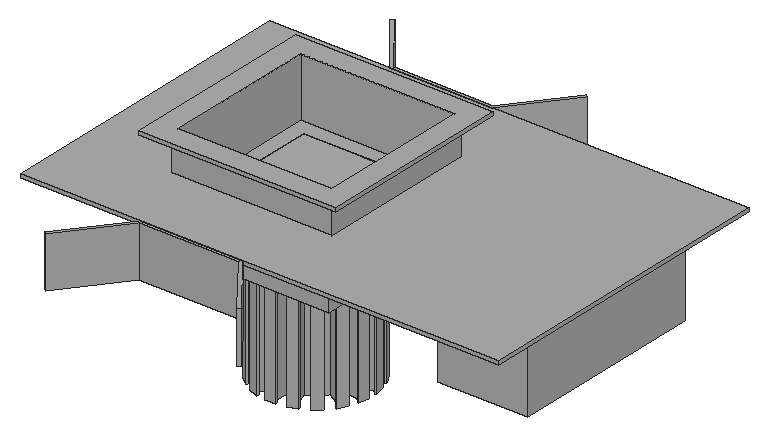
Revit family "LF4SQSL", category Lighting Fixtures, host Face, Revit 2014
Parameters (values of type "LF4SQ")
  Width = 12 5/8"
  Wattage Comments = "14W"
  Wattage = 9.2903 W
  built-in parameter 1150110 = 1 (stored number, unit not read)
  Voltage = 120 V
  URL = "https://www.hubbell.com/hubbellhealthcaresolutions/en"
  built-in parameter 1114217 = 1 (stored number, unit not read)
  Tilt Angle = -90.00°
  built-in parameter 1150109 = 1 (stored number, unit not read)
  built-in parameter 1150134 = 3
  built-in parameter 1150113 = 1 (stored number, unit not read)
  SQ Length = 2 7/8"
  Product Page URL = "https://www.hubbell.com/hubbellhealthcaresolutions/en/Products/Lighting-Controls/Commercial-Indoor-Lighting/Recessed-Downlights/LF4SQ/p/212948"
  Product Material = Steel
  Product Documentation Link = "https://hubbellcdn.com/specsheet/HHS_LF4SQSL_LENS_SPEC_17.pdf"
  Power Factor = 0.9
  Photometric Web File = "generic.ies"
  Number of Poles = 1
  Model = "LF4SQSL"  # constant formula
  Manufacturer = "Healthcare Solutions"  # constant formula
  built-in parameter 1150105 = 109.82 (stored number, unit not read)
  Lumens = 1380 lm
  built-in parameter 1150115 = 1 (stored number, unit not read)
  Load Classification = Lighting
  built-in parameter 1150137 = (empty or 0)
  built-in parameter 1150139 = (empty or 0)
  Length = 14"
  built-in parameter 1150112 = 1 (stored number, unit not read)
  built-in parameter 1150114 = 1 (stored number, unit not read)
  Lamp = "1"
  built-in parameter 1150132 = (empty or 0)
  built-in parameter 1150102 = (empty or 0)
  built-in parameter 1150107 = 3200 (stored number, unit not read)
  built-in parameter 1150138 = (empty or 0)
  built-in parameter 1150106 = 1.0982 (stored number, unit not read)
  Height = 6 5/8"
  Glass = Glass
  Emit from Rectangle Width = 4 51/256"  # constant formula
  Emit from Rectangle Length = 4 51/256"  # constant formula
  Emit Shape Visible in Rendering = no
  built-in parameter 1150104 = 13.8 (stored number, unit not read)
  Dimming Protocol = "0-10V\r\nDMX\r\nLutron Forward Phase\r\nLutron EcoSystem"  # constant formula
  Dimming Lamp Color Temperature Shift = <None>
  Description = "4\" LED Square Downlight"
  Default Elevation = 48"
  Contact Us = "https://www.hubbell.com/hubbellhealthcaresolutions/en/contactUs?productId=212948"
  Color Filter = 16777215
  built-in parameter 1114218 = 1 (stored number, unit not read)
  built-in parameter 1150133 = 10 (stored number, unit not read)
  Application = "Commerical Indoor\r\nEducation\r\nHealthcare\r\nHospitality\r\nOffice\r\nLobby\r\nConference Room\r\nClassroom\r\nWaiting Room\r\nAuditorium\r\nGuest Room\r\nDining Area"  # constant formula
  Apparent Load = 14.4 VA
Reference planes (in)
  plane 1 "Center (Front/Back)": y = 0.03999
  plane 2: z = 0
  plane 3 "Center (Left/Right)": x = -8.24832
  plane 4: y = -6.27251
  plane 5: y = 6.35249
  plane 6: z = -5.5
  plane 7: x = -15.24832
  plane 8: x = -1.24832
  plane 9: y = 4.60249
  plane 10: y = -4.52251
  plane 11: x = -10.24832
  plane 12: x = -13.12332
  plane 13: x = -7.37332
  plane 14: y = 2.91499
  plane 15: y = -2.83501
  plane 16: z = 1.125
  plane 17: z = -2.375
  plane 18: z = 1.025
  plane 19: x = -4.37332
  plane 20: x = -1.74832
  plane 21: z = -0.1
  plane 22: z = 1.25
Forms (in)
  Extrusion 1, void
    sketch origin (0, 0, 0) x (1, 0, 0) y (0, 1, 0)
      loop
        line (-12.74832, 4.60199) -> (-12.74832, -4.52201) -> (-3.74832, -4.52201) -> (-3.74832, 4.60199) -> (-12.74832, 4.60199)
    from 0 to -7
  Sweep 2, solid, material "Steel" <- "Product Material"
    path origin (-16.83938, -180, -3.5) x (-1, 0, 0) y (0, -1, 0)
      loop
        line (-3.71606, -177.16499) -> (-9.46606, -177.16499) -> (-9.46606, -182.91499) -> (-3.71606, -182.91499) -> (-3.71606, -177.16499)
    profile origin (-13.12332, 0.03999, -3.5) x (-1, 0, 0) y (0, 0, 1)
      loop
        line (0, 4.625) -> (-0.625, 4.625) -> (-0.625, 2.875) -> (-1.06338, 2.875) -> (-1.06338, 1.125) -> (-0.96338, 1.125) -> (-0.96338, 2.775) -> (-0.525, 2.775) -> (-0.525, 4.525) -> (0, 4.525) -> (0, 4.625)
  Extrusion 3, solid, material "Steel" <- "Product Material"
    sketch origin (-16.83938, -180, -3.5) x (-1, 0, 0) y (0, -1, 0)
      loop
        circle (-6.59106, -180.03999) r 1
    from -2 to 1.125
  Extrusion 4, solid, material "Steel" <- "Product Material"
    sketch origin (-16.83938, -180, -3.5) x (-1, 0, 0) y (0, -1, 0)
      loop
        line (-4.77944, -181.85161) -> (-4.77944, -178.22837) -> (-8.40267, -178.22837) -> (-8.40267, -181.85161) -> (-4.77944, -181.85161)
    from 1.125 to 2.875
  Extrusion 5, solid, material "Steel" <- "Product Material"
    sketch origin (0, 0.03999, 0) x (1, 0, 0) y (0, 0, 1)
      loop
        line (-4.37332, -0.1) -> (-4.37332, -2.375) -> (-1.74832, -2.375) -> (-1.74832, -0.1) -> (-4.37332, -0.1)
    from -2.875 to 2.875
  Sweep 6, solid, material "Steel" <- "Product Material"
    path origin (0.25978, 0, 0) x (0, 1, 0) y (0, 0, 1)
      loop
        line (0.03999, -2.375) -> (0.03999, -5.5)
    profile origin (0.25978, 0.03999, -3.9375) x (1, 0, 0) y (0, 1, 0)
      loop
        line (-10.45811, 0.99875) -> (-10.45811, 1.62007) -> (-10.35811, 1.62007) -> (-10.35811, 1.67007) -> (-10.65811, 1.67007) -> (-10.65811, 1.62007) -> (-10.55811, 1.62007) -> (-10.55811, 0.99875)
        arc (-10.55811, 0.99875) -> (-10.50811, 1) -> (-10.45811, 0.99875) r 1
  Sweep 7, solid, material "Steel" <- "Product Material"
    path origin (-0.36026, 3.5964, 0) x (-0.34202, 0.939693, 0) y (0, 0, 1)
      loop
        line (0.03999, -2.375) -> (0.03999, -5.5)
    profile origin (-0.37394, 3.63397, -3.9375) x (0.939693, 0.34202, 0) y (-0.34202, 0.939693, 0)
      loop
        line (-10.45811, 0.99875) -> (-10.45811, 1.62007) -> (-10.35811, 1.62007) -> (-10.35811, 1.67007) -> (-10.65811, 1.67007) -> (-10.65811, 1.62007) -> (-10.55811, 1.62007) -> (-10.55811, 0.99875)
        arc (-10.55811, 0.99875) -> (-10.50811, 1) -> (-10.45811, 0.99875) r 1
  Sweep 8, solid, material "Steel" <- "Product Material"
    path origin (-2.17294, 6.76384, 0) x (-0.642788, 0.766044, 0) y (0, 0, 1)
      loop
        line (0.03999, -2.375) -> (0.03999, -5.5)
    profile origin (-2.19865, 6.79447, -3.9375) x (0.766044, 0.642788, 0) y (-0.642788, 0.766044, 0)
      loop
        line (-10.45811, 0.99875) -> (-10.45811, 1.62007) -> (-10.35811, 1.62007) -> (-10.35811, 1.67007) -> (-10.65811, 1.67007) -> (-10.65811, 1.62007) -> (-10.55811, 1.62007) -> (-10.55811, 0.99875)
        arc (-10.55811, 0.99875) -> (-10.50811, 1) -> (-10.45811, 0.99875) r 1
  Sweep 9, solid, material "Steel" <- "Product Material"
    path origin (-4.95964, 9.12028, 0) x (-0.866025, 0.5, 0) y (0, 0, 1)
      loop
        line (0.03999, -2.375) -> (0.03999, -5.5)
    profile origin (-4.99427, 9.14028, -3.9375) x (0.5, 0.866025, 0) y (-0.866025, 0.5, 0)
      loop
        line (-10.45811, 0.99875) -> (-10.45811, 1.62007) -> (-10.35811, 1.62007) -> (-10.35811, 1.67007) -> (-10.65811, 1.67007) -> (-10.65811, 1.62007) -> (-10.55811, 1.62007) -> (-10.55811, 0.99875)
        arc (-10.55811, 0.99875) -> (-10.50811, 1) -> (-10.45811, 0.99875) r 1
  Sweep 10, solid, material "Steel" <- "Product Material"
    path origin (-8.38423, 10.38151, 0) x (-0.984808, 0.173648, 0) y (0, 0, 1)
      loop
        line (0.03999, -2.375) -> (0.03999, -5.5)
    profile origin (-8.42361, 10.38845, -3.9375) x (0.173648, 0.984808, 0) y (-0.984808, 0.173648, 0)
      loop
        line (-10.45811, 0.99875) -> (-10.45811, 1.62007) -> (-10.35811, 1.62007) -> (-10.35811, 1.67007) -> (-10.65811, 1.67007) -> (-10.65811, 1.62007) -> (-10.55811, 1.62007) -> (-10.55811, 0.99875)
        arc (-10.55811, 0.99875) -> (-10.50811, 1) -> (-10.45811, 0.99875) r 1
  Sweep 11, solid, material "Steel" <- "Product Material"
    path origin (-12.03365, 10.3954, 0) x (-0.984808, -0.173648, 0) y (0, 0, 1)
      loop
        line (0.03999, -2.375) -> (0.03999, -5.5)
    profile origin (-12.07304, 10.38845, -3.9375) x (-0.173648, 0.984808, 0) y (-0.984808, -0.173648, 0)
      loop
        line (-10.45811, 0.99875) -> (-10.45811, 1.62007) -> (-10.35811, 1.62007) -> (-10.35811, 1.67007) -> (-10.65811, 1.67007) -> (-10.65811, 1.62007) -> (-10.55811, 1.62007) -> (-10.55811, 0.99875)
        arc (-10.55811, 0.99875) -> (-10.50811, 1) -> (-10.45811, 0.99875) r 1
  Sweep 12, solid, material "Steel" <- "Product Material"
    path origin (-15.46774, 9.16027, 0) x (-0.866025, -0.5, 0) y (0, 0, 1)
      loop
        line (0.03999, -2.375) -> (0.03999, -5.5)
    profile origin (-15.50238, 9.14028, -3.9375) x (-0.5, 0.866025, 0) y (-0.866025, -0.5, 0)
      loop
        line (-10.45811, 0.99875) -> (-10.45811, 1.62007) -> (-10.35811, 1.62007) -> (-10.35811, 1.67007) -> (-10.65811, 1.67007) -> (-10.65811, 1.62007) -> (-10.55811, 1.62007) -> (-10.55811, 0.99875)
        arc (-10.55811, 0.99875) -> (-10.50811, 1) -> (-10.45811, 0.99875) r 1
  Sweep 13, solid, material "Steel" <- "Product Material"
    path origin (-18.27229, 6.82511, 0) x (-0.642788, -0.766044, 0) y (0, 0, 1)
      loop
        line (0.03999, -2.375) -> (0.03999, -5.5)
    profile origin (-18.298, 6.79447, -3.9375) x (-0.766044, 0.642788, 0) y (-0.642788, -0.766044, 0)
      loop
        line (-10.45811, 0.99875) -> (-10.45811, 1.62007) -> (-10.35811, 1.62007) -> (-10.35811, 1.67007) -> (-10.65811, 1.67007) -> (-10.65811, 1.62007) -> (-10.55811, 1.62007) -> (-10.55811, 0.99875)
        arc (-10.55811, 0.99875) -> (-10.50811, 1) -> (-10.45811, 0.99875) r 1
  Sweep 14, solid, material "Steel" <- "Product Material"
    path origin (-20.10904, 3.67155, 0) x (-0.34202, -0.939693, 0) y (0, 0, 1)
      loop
        line (0.03999, -2.375) -> (0.03999, -5.5)
    profile origin (-20.12271, 3.63397, -3.9375) x (-0.939693, 0.34202, 0) y (-0.34202, -0.939693, 0)
      loop
        line (-10.45811, 0.99875) -> (-10.45811, 1.62007) -> (-10.35811, 1.62007) -> (-10.35811, 1.67007) -> (-10.65811, 1.67007) -> (-10.65811, 1.62007) -> (-10.55811, 1.62007) -> (-10.55811, 0.99875)
        arc (-10.55811, 0.99875) -> (-10.50811, 1) -> (-10.45811, 0.99875) r 1
  Sweep 15, solid, material "Steel" <- "Product Material"
    path origin (-20.75643, 0.07998, 0) x (0, -1, 0) y (0, 0, 1)
      loop
        line (0.03999, -2.375) -> (0.03999, -5.5)
    profile origin (-20.75643, 0.03999, -3.9375) x (-1, 0, 0) y (0, -1, 0)
      loop
        line (-10.45811, 0.99875) -> (-10.45811, 1.62007) -> (-10.35811, 1.62007) -> (-10.35811, 1.67007) -> (-10.65811, 1.67007) -> (-10.65811, 1.62007) -> (-10.55811, 1.62007) -> (-10.55811, 0.99875)
        arc (-10.55811, 0.99875) -> (-10.50811, 1) -> (-10.45811, 0.99875) r 1
  Sweep 16, solid, material "Steel" <- "Product Material"
    path origin (-20.13639, -3.51641, 0) x (0.34202, -0.939693, 0) y (0, 0, 1)
      loop
        line (0.03999, -2.375) -> (0.03999, -5.5)
    profile origin (-20.12271, -3.55399, -3.9375) x (-0.939693, -0.34202, 0) y (0.34202, -0.939693, 0)
      loop
        line (-10.45811, 0.99875) -> (-10.45811, 1.62007) -> (-10.35811, 1.62007) -> (-10.35811, 1.67007) -> (-10.65811, 1.67007) -> (-10.65811, 1.62007) -> (-10.55811, 1.62007) -> (-10.55811, 0.99875)
        arc (-10.55811, 0.99875) -> (-10.50811, 1) -> (-10.45811, 0.99875) r 1
  Sweep 17, solid, material "Steel" <- "Product Material"
    path origin (-18.32371, -6.68385, 0) x (0.642788, -0.766044, 0) y (0, 0, 1)
      loop
        line (0.03999, -2.375) -> (0.03999, -5.5)
    profile origin (-18.298, -6.71449, -3.9375) x (-0.766044, -0.642788, 0) y (0.642788, -0.766044, 0)
      loop
        line (-10.45811, 0.99875) -> (-10.45811, 1.62007) -> (-10.35811, 1.62007) -> (-10.35811, 1.67007) -> (-10.65811, 1.67007) -> (-10.65811, 1.62007) -> (-10.55811, 1.62007) -> (-10.55811, 0.99875)
        arc (-10.55811, 0.99875) -> (-10.50811, 1) -> (-10.45811, 0.99875) r 1
  Sweep 18, solid, material "Steel" <- "Product Material"
    path origin (-15.53701, -9.0403, 0) x (0.866025, -0.5, 0) y (0, 0, 1)
      loop
        line (0.03999, -2.375) -> (0.03999, -5.5)
    profile origin (-15.50238, -9.06029, -3.9375) x (-0.5, -0.866025, 0) y (0.866025, -0.5, 0)
      loop
        line (-10.45811, 0.99875) -> (-10.45811, 1.62007) -> (-10.35811, 1.62007) -> (-10.35811, 1.67007) -> (-10.65811, 1.67007) -> (-10.65811, 1.62007) -> (-10.55811, 1.62007) -> (-10.55811, 0.99875)
        arc (-10.55811, 0.99875) -> (-10.50811, 1) -> (-10.45811, 0.99875) r 1
  Sweep 19, solid, material "Steel" <- "Product Material"
    path origin (-12.11242, -10.30153, 0) x (0.984808, -0.173648, 0) y (0, 0, 1)
      loop
        line (0.03999, -2.375) -> (0.03999, -5.5)
    profile origin (-12.07304, -10.30847, -3.9375) x (-0.173648, -0.984808, 0) y (0.984808, -0.173648, 0)
      loop
        line (-10.45811, 0.99875) -> (-10.45811, 1.62007) -> (-10.35811, 1.62007) -> (-10.35811, 1.67007) -> (-10.65811, 1.67007) -> (-10.65811, 1.62007) -> (-10.55811, 1.62007) -> (-10.55811, 0.99875)
        arc (-10.55811, 0.99875) -> (-10.50811, 1) -> (-10.45811, 0.99875) r 1
  Sweep 20, solid, material "Steel" <- "Product Material"
    path origin (-8.46299, -10.31542, 0) x (0.984808, 0.173648, 0) y (0, 0, 1)
      loop
        line (0.03999, -2.375) -> (0.03999, -5.5)
    profile origin (-8.42361, -10.30847, -3.9375) x (0.173648, -0.984808, 0) y (0.984808, 0.173648, 0)
      loop
        line (-10.45811, 0.99875) -> (-10.45811, 1.62007) -> (-10.35811, 1.62007) -> (-10.35811, 1.67007) -> (-10.65811, 1.67007) -> (-10.65811, 1.62007) -> (-10.55811, 1.62007) -> (-10.55811, 0.99875)
        arc (-10.55811, 0.99875) -> (-10.50811, 1) -> (-10.45811, 0.99875) r 1
  Sweep 21, solid, material "Steel" <- "Product Material"
    path origin (-5.02891, -9.08029, 0) x (0.866025, 0.5, 0) y (0, 0, 1)
      loop
        line (0.03999, -2.375) -> (0.03999, -5.5)
    profile origin (-4.99427, -9.06029, -3.9375) x (0.5, -0.866025, 0) y (0.866025, 0.5, 0)
      loop
        line (-10.45811, 0.99875) -> (-10.45811, 1.62007) -> (-10.35811, 1.62007) -> (-10.35811, 1.67007) -> (-10.65811, 1.67007) -> (-10.65811, 1.62007) -> (-10.55811, 1.62007) -> (-10.55811, 0.99875)
        arc (-10.55811, 0.99875) -> (-10.50811, 1) -> (-10.45811, 0.99875) r 1
  Sweep 22, solid, material "Steel" <- "Product Material"
    path origin (-2.22435, -6.74512, 0) x (0.642788, 0.766044, 0) y (0, 0, 1)
      loop
        line (0.03999, -2.375) -> (0.03999, -5.5)
    profile origin (-2.19865, -6.71449, -3.9375) x (0.766044, -0.642788, 0) y (0.642788, 0.766044, 0)
      loop
        line (-10.45811, 0.99875) -> (-10.45811, 1.62007) -> (-10.35811, 1.62007) -> (-10.35811, 1.67007) -> (-10.65811, 1.67007) -> (-10.65811, 1.62007) -> (-10.55811, 1.62007) -> (-10.55811, 0.99875)
        arc (-10.55811, 0.99875) -> (-10.50811, 1) -> (-10.45811, 0.99875) r 1
  Sweep 23, solid, material "Steel" <- "Product Material"
    path origin (-0.38761, -3.59157, 0) x (0.34202, 0.939693, 0) y (0, 0, 1)
      loop
        line (0.03999, -2.375) -> (0.03999, -5.5)
    profile origin (-0.37394, -3.55399, -3.9375) x (0.939693, -0.34202, 0) y (0.34202, 0.939693, 0)
      loop
        line (-10.45811, 0.99875) -> (-10.45811, 1.62007) -> (-10.35811, 1.62007) -> (-10.35811, 1.67007) -> (-10.65811, 1.67007) -> (-10.65811, 1.62007) -> (-10.55811, 1.62007) -> (-10.55811, 0.99875)
        arc (-10.55811, 0.99875) -> (-10.50811, 1) -> (-10.45811, 0.99875) r 1
  Sweep 24, solid, material "Steel" <- "Product Material"
    path origin (-16.83938, -180, -3.5) x (-1, 0, 0) y (0, -1, 0)
      loop
        line (-3.71606, -186.35249) -> (-5.09106, -184.60249) -> (-8.09881, -184.60249) -> (-9.46606, -186.35249)
    profile origin (-10.24445, 4.60249, -3.5) x (0, 1, 0) y (0, 0, 1)
      loop
        line (0, 3.5) -> (0, 2) -> (0.1, 2) -> (0.1, 3.5) -> (0, 3.5)
  Extrusion 25, solid, material "Steel" <- "Product Material"
    sketch origin (-16.83938, -180, -3.5) x (-1, 0, 0) y (0, -1, 0)
      loop
        line (-1.59106, -184.60249) -> (-1.59106, -175.47749) -> (-15.59106, -175.47749) -> (-15.59106, -184.60249) -> (-1.59106, -184.60249)
      loop
        line (-4.24106, -182.38999) -> (-4.24106, -177.68999) -> (-8.94106, -177.68999) -> (-8.94106, -182.38999) -> (-4.24106, -182.38999)
    from 3.4 to 3.5
  Sweep 26, solid, material "Steel" <- "Product Material"
    path origin (-16.83938, 180.07998, -3.5) x (-1, 0, 0) y (0, -1, 0)
      loop
        line (-3.71606, 186.35249) -> (-5.09106, 184.60249) -> (-8.09881, 184.60249) -> (-9.46606, 186.35249)
    profile origin (-10.24445, -4.52251, -3.5) x (0, 1, 0) y (0, 0, 1)
      loop
        line (0, 3.5) -> (-0.1, 3.5) -> (-0.1, 2) -> (0, 2) -> (0, 3.5)
  Sweep 27, solid, material "Steel" <- "Product Material", not visible
    path origin (0.25978, 0, 0) x (0, 1, 0) y (0, 0, 1)
      loop
        line (0.03999, -2.375) -> (0.03999, -5.5)
    profile origin (0.25978, 0.03999, -3.9375) x (1, 0, 0) y (0, 1, 0)
      loop
        line (-10.45811, 0.99875) -> (-10.45811, 1.62007) -> (-10.35811, 1.62007) -> (-10.35811, 1.67007) -> (-10.65811, 1.67007) -> (-10.65811, 1.62007) -> (-10.55811, 1.62007) -> (-10.55811, 0.99875)
        arc (-10.55811, 0.99875) -> (-10.50811, 1) -> (-10.45811, 0.99875) r 1
  Sweep 28, solid, material "Steel" <- "Product Material", not visible
    path origin (-0.36026, 3.5964, 0) x (-0.34202, 0.939693, 0) y (0, 0, 1)
      loop
        line (0.03999, -2.375) -> (0.03999, -5.5)
    profile origin (-0.37394, 3.63397, -3.9375) x (0.939693, 0.34202, 0) y (-0.34202, 0.939693, 0)
      loop
        line (-10.45811, 0.99875) -> (-10.45811, 1.62007) -> (-10.35811, 1.62007) -> (-10.35811, 1.67007) -> (-10.65811, 1.67007) -> (-10.65811, 1.62007) -> (-10.55811, 1.62007) -> (-10.55811, 0.99875)
        arc (-10.55811, 0.99875) -> (-10.50811, 1) -> (-10.45811, 0.99875) r 1
  Sweep 29, solid, material "Steel" <- "Product Material", not visible
    path origin (-2.17294, 6.76384, 0) x (-0.642788, 0.766044, 0) y (0, 0, 1)
      loop
        line (0.03999, -2.375) -> (0.03999, -5.5)
    profile origin (-2.19865, 6.79447, -3.9375) x (0.766044, 0.642788, 0) y (-0.642788, 0.766044, 0)
      loop
        line (-10.45811, 0.99875) -> (-10.45811, 1.62007) -> (-10.35811, 1.62007) -> (-10.35811, 1.67007) -> (-10.65811, 1.67007) -> (-10.65811, 1.62007) -> (-10.55811, 1.62007) -> (-10.55811, 0.99875)
        arc (-10.55811, 0.99875) -> (-10.50811, 1) -> (-10.45811, 0.99875) r 1
  Sweep 30, solid, material "Steel" <- "Product Material", not visible
    path origin (-4.95964, 9.12028, 0) x (-0.866025, 0.5, 0) y (0, 0, 1)
      loop
        line (0.03999, -2.375) -> (0.03999, -5.5)
    profile origin (-4.99427, 9.14028, -3.9375) x (0.5, 0.866025, 0) y (-0.866025, 0.5, 0)
      loop
        line (-10.45811, 0.99875) -> (-10.45811, 1.62007) -> (-10.35811, 1.62007) -> (-10.35811, 1.67007) -> (-10.65811, 1.67007) -> (-10.65811, 1.62007) -> (-10.55811, 1.62007) -> (-10.55811, 0.99875)
        arc (-10.55811, 0.99875) -> (-10.50811, 1) -> (-10.45811, 0.99875) r 1
  Sweep 31, solid, material "Steel" <- "Product Material", not visible
    path origin (-8.38423, 10.38151, 0) x (-0.984808, 0.173648, 0) y (0, 0, 1)
      loop
        line (0.03999, -2.375) -> (0.03999, -5.5)
    profile origin (-8.42361, 10.38845, -3.9375) x (0.173648, 0.984808, 0) y (-0.984808, 0.173648, 0)
      loop
        line (-10.45811, 0.99875) -> (-10.45811, 1.62007) -> (-10.35811, 1.62007) -> (-10.35811, 1.67007) -> (-10.65811, 1.67007) -> (-10.65811, 1.62007) -> (-10.55811, 1.62007) -> (-10.55811, 0.99875)
        arc (-10.55811, 0.99875) -> (-10.50811, 1) -> (-10.45811, 0.99875) r 1
  Sweep 32, solid, material "Steel" <- "Product Material", not visible
    path origin (-12.03365, 10.3954, 0) x (-0.984808, -0.173648, 0) y (0, 0, 1)
      loop
        line (0.03999, -2.375) -> (0.03999, -5.5)
    profile origin (-12.07304, 10.38845, -3.9375) x (-0.173648, 0.984808, 0) y (-0.984808, -0.173648, 0)
      loop
        line (-10.45811, 0.99875) -> (-10.45811, 1.62007) -> (-10.35811, 1.62007) -> (-10.35811, 1.67007) -> (-10.65811, 1.67007) -> (-10.65811, 1.62007) -> (-10.55811, 1.62007) -> (-10.55811, 0.99875)
        arc (-10.55811, 0.99875) -> (-10.50811, 1) -> (-10.45811, 0.99875) r 1
  Sweep 33, solid, material "Steel" <- "Product Material", not visible
    path origin (-15.46774, 9.16027, 0) x (-0.866025, -0.5, 0) y (0, 0, 1)
      loop
        line (0.03999, -2.375) -> (0.03999, -5.5)
    profile origin (-15.50238, 9.14028, -3.9375) x (-0.5, 0.866025, 0) y (-0.866025, -0.5, 0)
      loop
        line (-10.45811, 0.99875) -> (-10.45811, 1.62007) -> (-10.35811, 1.62007) -> (-10.35811, 1.67007) -> (-10.65811, 1.67007) -> (-10.65811, 1.62007) -> (-10.55811, 1.62007) -> (-10.55811, 0.99875)
        arc (-10.55811, 0.99875) -> (-10.50811, 1) -> (-10.45811, 0.99875) r 1
  Sweep 34, solid, material "Steel" <- "Product Material", not visible
    path origin (-18.27229, 6.82511, 0) x (-0.642788, -0.766044, 0) y (0, 0, 1)
      loop
        line (0.03999, -2.375) -> (0.03999, -5.5)
    profile origin (-18.298, 6.79447, -3.9375) x (-0.766044, 0.642788, 0) y (-0.642788, -0.766044, 0)
      loop
        line (-10.45811, 0.99875) -> (-10.45811, 1.62007) -> (-10.35811, 1.62007) -> (-10.35811, 1.67007) -> (-10.65811, 1.67007) -> (-10.65811, 1.62007) -> (-10.55811, 1.62007) -> (-10.55811, 0.99875)
        arc (-10.55811, 0.99875) -> (-10.50811, 1) -> (-10.45811, 0.99875) r 1
  Sweep 35, solid, material "Steel" <- "Product Material", not visible
    path origin (-20.10904, 3.67155, 0) x (-0.34202, -0.939693, 0) y (0, 0, 1)
      loop
        line (0.03999, -2.375) -> (0.03999, -5.5)
    profile origin (-20.12271, 3.63397, -3.9375) x (-0.939693, 0.34202, 0) y (-0.34202, -0.939693, 0)
      loop
        line (-10.45811, 0.99875) -> (-10.45811, 1.62007) -> (-10.35811, 1.62007) -> (-10.35811, 1.67007) -> (-10.65811, 1.67007) -> (-10.65811, 1.62007) -> (-10.55811, 1.62007) -> (-10.55811, 0.99875)
        arc (-10.55811, 0.99875) -> (-10.50811, 1) -> (-10.45811, 0.99875) r 1
  Sweep 36, solid, material "Steel" <- "Product Material", not visible
    path origin (-20.75643, 0.07998, 0) x (0, -1, 0) y (0, 0, 1)
      loop
        line (0.03999, -2.375) -> (0.03999, -5.5)
    profile origin (-20.75643, 0.03999, -3.9375) x (-1, 0, 0) y (0, -1, 0)
      loop
        line (-10.45811, 0.99875) -> (-10.45811, 1.62007) -> (-10.35811, 1.62007) -> (-10.35811, 1.67007) -> (-10.65811, 1.67007) -> (-10.65811, 1.62007) -> (-10.55811, 1.62007) -> (-10.55811, 0.99875)
        arc (-10.55811, 0.99875) -> (-10.50811, 1) -> (-10.45811, 0.99875) r 1
  Sweep 37, solid, material "Steel" <- "Product Material", not visible
    path origin (-20.13639, -3.51641, 0) x (0.34202, -0.939693, 0) y (0, 0, 1)
      loop
        line (0.03999, -2.375) -> (0.03999, -5.5)
    profile origin (-20.12271, -3.55399, -3.9375) x (-0.939693, -0.34202, 0) y (0.34202, -0.939693, 0)
      loop
        line (-10.45811, 0.99875) -> (-10.45811, 1.62007) -> (-10.35811, 1.62007) -> (-10.35811, 1.67007) -> (-10.65811, 1.67007) -> (-10.65811, 1.62007) -> (-10.55811, 1.62007) -> (-10.55811, 0.99875)
        arc (-10.55811, 0.99875) -> (-10.50811, 1) -> (-10.45811, 0.99875) r 1
  Sweep 38, solid, material "Steel" <- "Product Material", not visible
    path origin (-18.32371, -6.68385, 0) x (0.642788, -0.766044, 0) y (0, 0, 1)
      loop
        line (0.03999, -2.375) -> (0.03999, -5.5)
    profile origin (-18.298, -6.71449, -3.9375) x (-0.766044, -0.642788, 0) y (0.642788, -0.766044, 0)
      loop
        line (-10.45811, 0.99875) -> (-10.45811, 1.62007) -> (-10.35811, 1.62007) -> (-10.35811, 1.67007) -> (-10.65811, 1.67007) -> (-10.65811, 1.62007) -> (-10.55811, 1.62007) -> (-10.55811, 0.99875)
        arc (-10.55811, 0.99875) -> (-10.50811, 1) -> (-10.45811, 0.99875) r 1
  Sweep 39, solid, material "Steel" <- "Product Material", not visible
    path origin (-15.53701, -9.0403, 0) x (0.866025, -0.5, 0) y (0, 0, 1)
      loop
        line (0.03999, -2.375) -> (0.03999, -5.5)
    profile origin (-15.50238, -9.06029, -3.9375) x (-0.5, -0.866025, 0) y (0.866025, -0.5, 0)
      loop
        line (-10.45811, 0.99875) -> (-10.45811, 1.62007) -> (-10.35811, 1.62007) -> (-10.35811, 1.67007) -> (-10.65811, 1.67007) -> (-10.65811, 1.62007) -> (-10.55811, 1.62007) -> (-10.55811, 0.99875)
        arc (-10.55811, 0.99875) -> (-10.50811, 1) -> (-10.45811, 0.99875) r 1
  Sweep 40, solid, material "Steel" <- "Product Material", not visible
    path origin (-12.11242, -10.30153, 0) x (0.984808, -0.173648, 0) y (0, 0, 1)
      loop
        line (0.03999, -2.375) -> (0.03999, -5.5)
    profile origin (-12.07304, -10.30847, -3.9375) x (-0.173648, -0.984808, 0) y (0.984808, -0.173648, 0)
      loop
        line (-10.45811, 0.99875) -> (-10.45811, 1.62007) -> (-10.35811, 1.62007) -> (-10.35811, 1.67007) -> (-10.65811, 1.67007) -> (-10.65811, 1.62007) -> (-10.55811, 1.62007) -> (-10.55811, 0.99875)
        arc (-10.55811, 0.99875) -> (-10.50811, 1) -> (-10.45811, 0.99875) r 1
  Sweep 41, solid, material "Steel" <- "Product Material", not visible
    path origin (-8.46299, -10.31542, 0) x (0.984808, 0.173648, 0) y (0, 0, 1)
      loop
        line (0.03999, -2.375) -> (0.03999, -5.5)
    profile origin (-8.42361, -10.30847, -3.9375) x (0.173648, -0.984808, 0) y (0.984808, 0.173648, 0)
      loop
        line (-10.45811, 0.99875) -> (-10.45811, 1.62007) -> (-10.35811, 1.62007) -> (-10.35811, 1.67007) -> (-10.65811, 1.67007) -> (-10.65811, 1.62007) -> (-10.55811, 1.62007) -> (-10.55811, 0.99875)
        arc (-10.55811, 0.99875) -> (-10.50811, 1) -> (-10.45811, 0.99875) r 1
  Sweep 42, solid, material "Steel" <- "Product Material", not visible
    path origin (-5.02891, -9.08029, 0) x (0.866025, 0.5, 0) y (0, 0, 1)
      loop
        line (0.03999, -2.375) -> (0.03999, -5.5)
    profile origin (-4.99427, -9.06029, -3.9375) x (0.5, -0.866025, 0) y (0.866025, 0.5, 0)
      loop
        line (-10.45811, 0.99875) -> (-10.45811, 1.62007) -> (-10.35811, 1.62007) -> (-10.35811, 1.67007) -> (-10.65811, 1.67007) -> (-10.65811, 1.62007) -> (-10.55811, 1.62007) -> (-10.55811, 0.99875)
        arc (-10.55811, 0.99875) -> (-10.50811, 1) -> (-10.45811, 0.99875) r 1
  Sweep 43, solid, material "Steel" <- "Product Material", not visible
    path origin (-2.22435, -6.74512, 0) x (0.642788, 0.766044, 0) y (0, 0, 1)
      loop
        line (0.03999, -2.375) -> (0.03999, -5.5)
    profile origin (-2.19865, -6.71449, -3.9375) x (0.766044, -0.642788, 0) y (0.642788, 0.766044, 0)
      loop
        line (-10.45811, 0.99875) -> (-10.45811, 1.62007) -> (-10.35811, 1.62007) -> (-10.35811, 1.67007) -> (-10.65811, 1.67007) -> (-10.65811, 1.62007) -> (-10.55811, 1.62007) -> (-10.55811, 0.99875)
        arc (-10.55811, 0.99875) -> (-10.50811, 1) -> (-10.45811, 0.99875) r 1
  Sweep 44, solid, material "Steel" <- "Product Material", not visible
    path origin (-0.38761, -3.59157, 0) x (0.34202, 0.939693, 0) y (0, 0, 1)
      loop
        line (0.03999, -2.375) -> (0.03999, -5.5)
    profile origin (-0.37394, -3.55399, -3.9375) x (0.939693, -0.34202, 0) y (0.34202, 0.939693, 0)
      loop
        line (-10.45811, 0.99875) -> (-10.45811, 1.62007) -> (-10.35811, 1.62007) -> (-10.35811, 1.67007) -> (-10.65811, 1.67007) -> (-10.65811, 1.62007) -> (-10.55811, 1.62007) -> (-10.55811, 0.99875)
        arc (-10.55811, 0.99875) -> (-10.50811, 1) -> (-10.45811, 0.99875) r 1
Dimensions and locks (in)
  equal spacing: plane 5, plane 1 "Center (Front/Back)", plane 4
  "Width": plane 5 to plane 4
  equal spacing: plane 7, plane 3 "Center (Left/Right)", plane 8
  "Length": plane 7 to plane 8
  equal spacing: plane 9, plane 1 "Center (Front/Back)", plane 10
  locked: plane 9 to plane 10 at 9.125
  locked: plane 7 to plane 11 at 5
  equal spacing: plane 14, plane 1 "Center (Front/Back)", plane 15
  "SQ Length": plane 1 "Center (Front/Back)" to plane 14
  plane 16 to plane 2 = 1 1/8"
  "SQ Length": plane 11 to plane 12
  equal spacing: plane 13, plane 11, plane 12
  "Height": plane 16 to plane 6
  plane 20 to plane 8 = 1/2"
  locked: Sweep 6 to plane 11 at 0.05
  aligned and locked: plane 2 to host face
  aligned and locked: level to host face
  aligned and locked: Sweep 2 sketch curve to plane 16
  aligned and locked: Sweep 2 sketch curve to plane 12
  aligned and locked: plane 12 to Sweep 2 sketch curve
  aligned and locked: Sweep 2 sketch curve to plane 14
  aligned and locked: plane 13 to Sweep 2 sketch curve
  aligned and locked: plane 15 to Sweep 2 sketch curve
  aligned and locked: Extrusion 3 to Sweep 2
  aligned and locked: Extrusion 3 to plane 6
  aligned and locked: Extrusion 4 sketch curve to Sweep 2  (x4)
  aligned and locked: Sweep 2 to Extrusion 4  (x2)
  aligned and locked: Extrusion 5 to plane 20
  aligned and locked: plane 19 to Extrusion 5
  aligned and locked: Sweep 2 to Extrusion 5
  aligned and locked: plane 14 to Extrusion 5
  aligned and locked: Extrusion 5 to plane 15
  aligned and locked: Sweep 24 sketch curve to level
  aligned and locked: Sweep 24 sketch curve to profile plane
  aligned and locked: Extrusion 25 sketch curve to plane 9
  aligned and locked: plane 7 to Extrusion 25 sketch curve
  aligned and locked: plane 10 to Extrusion 25 sketch curve
  aligned and locked: Extrusion 25 sketch curve to plane 8
  aligned and locked: level to Extrusion 25
  aligned and locked: Extrusion 25 to plane 21
  aligned and locked: plane 21 to Extrusion 5
  aligned and locked: Sweep 24 sketch curve to plane 9
  aligned and locked: Sweep 26 sketch curve to profile plane
  aligned and locked: Sweep 26 sketch curve to plane 10
  aligned and locked: imposter light to plane 22
Automatic sketch dimensions
  profile plane to Sweep 6 sketch curve = 0"
  Sweep 6 sketch curve to Sweep 6 sketch curve = 0.1"  (x3)
  Sweep 6 sketch curve to Sweep 6 sketch curve = 0.05"  (x2)
  Sweep 6 sketch curve to profile plane = 0.99875"
  Sweep 6 sketch curve to Sweep 6 sketch curve = 0.62132"
  Sweep 6 sketch curve to Sweep 6 sketch curve = 0"
  Sweep 6 sketch curve to Sweep 6 sketch curve = 3 1/8"
  Sweep 6 sketch curve to profile plane = 10.65811"
  profile plane to Sweep 7 sketch curve = 0"
  Sweep 7 sketch curve to Sweep 7 sketch curve = 0.1"  (x3)
  Sweep 7 sketch curve to Sweep 7 sketch curve = 0.05"  (x2)
  Sweep 7 sketch curve to profile plane = 0.99875"
  Sweep 7 sketch curve to Sweep 7 sketch curve = 0.62132"
  Sweep 7 sketch curve to Sweep 7 sketch curve = 0"
  Sweep 7 sketch curve to Sweep 7 sketch curve = 3 1/8"
  Sweep 7 sketch curve to profile plane = 10.65811"
  profile plane to Sweep 8 sketch curve = 0"
  Sweep 8 sketch curve to Sweep 8 sketch curve = 0.1"  (x3)
  Sweep 8 sketch curve to Sweep 8 sketch curve = 0.05"  (x2)
  Sweep 8 sketch curve to profile plane = 0.99875"
  Sweep 8 sketch curve to Sweep 8 sketch curve = 0.62132"
  Sweep 8 sketch curve to Sweep 8 sketch curve = 0"
  Sweep 8 sketch curve to Sweep 8 sketch curve = 3 1/8"
  Sweep 8 sketch curve to profile plane = 10.65811"
  profile plane to Sweep 9 sketch curve = 0"
  Sweep 9 sketch curve to Sweep 9 sketch curve = 0.1"  (x3)
  Sweep 9 sketch curve to Sweep 9 sketch curve = 0.05"  (x2)
  Sweep 9 sketch curve to profile plane = 0.99875"
  Sweep 9 sketch curve to Sweep 9 sketch curve = 0.62132"
  Sweep 9 sketch curve to Sweep 9 sketch curve = 0"
  Sweep 9 sketch curve to Sweep 9 sketch curve = 3 1/8"
  Sweep 9 sketch curve to profile plane = 10.65811"
  profile plane to Sweep 10 sketch curve = 0"
  Sweep 10 sketch curve to Sweep 10 sketch curve = 0.1"  (x3)
  Sweep 10 sketch curve to Sweep 10 sketch curve = 0.05"  (x2)
  Sweep 10 sketch curve to profile plane = 0.99875"
  Sweep 10 sketch curve to Sweep 10 sketch curve = 0.62132"
  Sweep 10 sketch curve to Sweep 10 sketch curve = 0"
  Sweep 10 sketch curve to Sweep 10 sketch curve = 3 1/8"
  Sweep 10 sketch curve to profile plane = 10.65811"
  profile plane to Sweep 11 sketch curve = 0"
  Sweep 11 sketch curve to Sweep 11 sketch curve = 0.1"  (x3)
  Sweep 11 sketch curve to Sweep 11 sketch curve = 0.05"  (x2)
  Sweep 11 sketch curve to profile plane = 0.99875"
  Sweep 11 sketch curve to Sweep 11 sketch curve = 0.62132"
  Sweep 11 sketch curve to Sweep 11 sketch curve = 0"
  Sweep 11 sketch curve to Sweep 11 sketch curve = 3 1/8"
  Sweep 11 sketch curve to profile plane = 10.65811"
  profile plane to Sweep 12 sketch curve = 0"
  Sweep 12 sketch curve to Sweep 12 sketch curve = 0.1"  (x3)
  Sweep 12 sketch curve to Sweep 12 sketch curve = 0.05"  (x2)
  Sweep 12 sketch curve to profile plane = 0.99875"
  Sweep 12 sketch curve to Sweep 12 sketch curve = 0.62132"
  Sweep 12 sketch curve to Sweep 12 sketch curve = 0"
  Sweep 12 sketch curve to Sweep 12 sketch curve = 3 1/8"
  Sweep 12 sketch curve to profile plane = 10.65811"
  profile plane to Sweep 13 sketch curve = 0"
  Sweep 13 sketch curve to Sweep 13 sketch curve = 0.1"  (x3)
  Sweep 13 sketch curve to Sweep 13 sketch curve = 0.05"  (x2)
  Sweep 13 sketch curve to profile plane = 0.99875"
  Sweep 13 sketch curve to Sweep 13 sketch curve = 0.62132"
  Sweep 13 sketch curve to Sweep 13 sketch curve = 0"
  Sweep 13 sketch curve to Sweep 13 sketch curve = 3 1/8"
  Sweep 13 sketch curve to profile plane = 10.65811"
  profile plane to Sweep 14 sketch curve = 0"
  Sweep 14 sketch curve to Sweep 14 sketch curve = 0.1"  (x3)
  Sweep 14 sketch curve to Sweep 14 sketch curve = 0.05"  (x2)
  Sweep 14 sketch curve to profile plane = 0.99875"
  Sweep 14 sketch curve to Sweep 14 sketch curve = 0.62132"
  Sweep 14 sketch curve to Sweep 14 sketch curve = 0"
  Sweep 14 sketch curve to Sweep 14 sketch curve = 3 1/8"
  Sweep 14 sketch curve to profile plane = 10.65811"
  profile plane to Sweep 15 sketch curve = 0"
  Sweep 15 sketch curve to Sweep 15 sketch curve = 0.1"  (x3)
  Sweep 15 sketch curve to Sweep 15 sketch curve = 0.05"  (x2)
  Sweep 15 sketch curve to profile plane = 0.99875"
  Sweep 15 sketch curve to Sweep 15 sketch curve = 0.62132"
  Sweep 15 sketch curve to Sweep 15 sketch curve = 0"
  Sweep 15 sketch curve to Sweep 15 sketch curve = 3 1/8"
  Sweep 15 sketch curve to profile plane = 10.65811"
  profile plane to Sweep 16 sketch curve = 0"
  Sweep 16 sketch curve to Sweep 16 sketch curve = 0.1"  (x3)
  Sweep 16 sketch curve to Sweep 16 sketch curve = 0.05"  (x2)
  Sweep 16 sketch curve to profile plane = 0.99875"
  Sweep 16 sketch curve to Sweep 16 sketch curve = 0.62132"
  Sweep 16 sketch curve to Sweep 16 sketch curve = 0"
  Sweep 16 sketch curve to Sweep 16 sketch curve = 3 1/8"
  Sweep 16 sketch curve to profile plane = 10.65811"
  profile plane to Sweep 17 sketch curve = 0"
  Sweep 17 sketch curve to Sweep 17 sketch curve = 0.1"  (x3)
  Sweep 17 sketch curve to Sweep 17 sketch curve = 0.05"  (x2)
  Sweep 17 sketch curve to profile plane = 0.99875"
  Sweep 17 sketch curve to Sweep 17 sketch curve = 0.62132"
  Sweep 17 sketch curve to Sweep 17 sketch curve = 0"
  Sweep 17 sketch curve to Sweep 17 sketch curve = 3 1/8"
  Sweep 17 sketch curve to profile plane = 10.65811"
  profile plane to Sweep 18 sketch curve = 0"
  Sweep 18 sketch curve to Sweep 18 sketch curve = 0.1"  (x3)
  Sweep 18 sketch curve to Sweep 18 sketch curve = 0.05"  (x2)
  Sweep 18 sketch curve to profile plane = 0.99875"
  Sweep 18 sketch curve to Sweep 18 sketch curve = 0.62132"
  Sweep 18 sketch curve to Sweep 18 sketch curve = 0"
  Sweep 18 sketch curve to Sweep 18 sketch curve = 3 1/8"
  Sweep 18 sketch curve to profile plane = 10.65811"
  profile plane to Sweep 19 sketch curve = 0"
  Sweep 19 sketch curve to Sweep 19 sketch curve = 0.1"  (x3)
  Sweep 19 sketch curve to Sweep 19 sketch curve = 0.05"  (x2)
  Sweep 19 sketch curve to profile plane = 0.99875"
  Sweep 19 sketch curve to Sweep 19 sketch curve = 0.62132"
  Sweep 19 sketch curve to Sweep 19 sketch curve = 0"
  Sweep 19 sketch curve to Sweep 19 sketch curve = 3 1/8"
  Sweep 19 sketch curve to profile plane = 10.65811"
  profile plane to Sweep 20 sketch curve = 0"
  Sweep 20 sketch curve to Sweep 20 sketch curve = 0.1"  (x3)
  Sweep 20 sketch curve to Sweep 20 sketch curve = 0.05"  (x2)
  Sweep 20 sketch curve to profile plane = 0.99875"
  Sweep 20 sketch curve to Sweep 20 sketch curve = 0.62132"
  Sweep 20 sketch curve to Sweep 20 sketch curve = 0"
  Sweep 20 sketch curve to Sweep 20 sketch curve = 3 1/8"
  Sweep 20 sketch curve to profile plane = 10.65811"
  profile plane to Sweep 21 sketch curve = 0"
  Sweep 21 sketch curve to Sweep 21 sketch curve = 0.1"  (x3)
  Sweep 21 sketch curve to Sweep 21 sketch curve = 0.05"  (x2)
  Sweep 21 sketch curve to profile plane = 0.99875"
  Sweep 21 sketch curve to Sweep 21 sketch curve = 0.62132"
  Sweep 21 sketch curve to Sweep 21 sketch curve = 0"
  Sweep 21 sketch curve to Sweep 21 sketch curve = 3 1/8"
  Sweep 21 sketch curve to profile plane = 10.65811"
  profile plane to Sweep 22 sketch curve = 0"
  Sweep 22 sketch curve to Sweep 22 sketch curve = 0.1"  (x3)
  Sweep 22 sketch curve to Sweep 22 sketch curve = 0.05"  (x2)
  Sweep 22 sketch curve to profile plane = 0.99875"
  Sweep 22 sketch curve to Sweep 22 sketch curve = 0.62132"
  Sweep 22 sketch curve to Sweep 22 sketch curve = 0"
  Sweep 22 sketch curve to Sweep 22 sketch curve = 3 1/8"
  Sweep 22 sketch curve to profile plane = 10.65811"
  profile plane to Sweep 23 sketch curve = 0"
  Sweep 23 sketch curve to Sweep 23 sketch curve = 0.1"  (x3)
  Sweep 23 sketch curve to Sweep 23 sketch curve = 0.05"  (x2)
  Sweep 23 sketch curve to profile plane = 0.99875"
  Sweep 23 sketch curve to Sweep 23 sketch curve = 0.62132"
  Sweep 23 sketch curve to Sweep 23 sketch curve = 0"
  Sweep 23 sketch curve to Sweep 23 sketch curve = 3 1/8"
  Sweep 23 sketch curve to profile plane = 10.65811"
  host sketch curve to host sketch curve = 96"  (x2)
  plane 10 to Extrusion 1 sketch curve = 0.0005"
  plane 12 to Extrusion 1 sketch curve = 3/8"
  Extrusion 1 sketch curve to plane 19 = 5/8"
  Extrusion 1 sketch curve to plane 9 = 0.0005"
  profile plane to Sweep 2 sketch curve = 0.525"
  Sweep 2 sketch curve to Sweep 2 sketch curve = 0.1"  (x4)
  Sweep 2 sketch curve to Sweep 2 sketch curve = 0.33838"
  Sweep 2 sketch curve to Sweep 2 sketch curve = 1.65"
  profile plane to Sweep 2 sketch curve = 1 1/8"
  plane 1 "Center (Front/Back)" to Extrusion 3 sketch curve = 0"
  Extrusion 3 sketch curve to plane 11 = 0"
  Extrusion 5 sketch curve to plane 17 = 0"
  plane 19 to Extrusion 5 sketch curve = 0"
  plane 20 to Extrusion 5 sketch curve = 0"
  Extrusion 5 sketch curve to plane 21 = 0"
  Sweep 24 sketch curve to plane 5 = 0"  (x2)
  Sweep 24 sketch curve to plane 13 = 0"
  Sweep 24 sketch curve to plane 12 = 0"
  Sweep 24 sketch curve to plane 3 "Center (Left/Right)" = 0.49225"
  plane 12 to Sweep 24 sketch curve = 1 3/8"
  Sweep 26 sketch curve to plane 4 = 0"  (x2)
  Sweep 26 sketch curve to plane 13 = 0"
  Sweep 26 sketch curve to plane 12 = 0"
  Sweep 26 sketch curve to plane 3 "Center (Left/Right)" = 0.49225"
  plane 12 to Sweep 26 sketch curve = 1 3/8"
  profile plane to Sweep 26 sketch curve = 0.1"
  profile plane to Sweep 26 sketch curve = 2"
  Sweep 26 sketch curve to Sweep 26 sketch curve = 1 1/2"
  plane 3 "Center (Left/Right)" to Extrusion 25 sketch curve = 0.35"
  plane 12 to Extrusion 25 sketch curve = 0.525"
  Extrusion 25 sketch curve to plane 14 = 0.525"
  plane 15 to Extrusion 25 sketch curve = 0.525"
  Sweep 24 sketch curve to profile plane = 0.1"
  Sweep 24 sketch curve to Sweep 24 sketch curve = 1 1/2"
  profile plane to Sweep 27 sketch curve = 0"
  Sweep 27 sketch curve to Sweep 27 sketch curve = 0.1"  (x3)
  Sweep 27 sketch curve to Sweep 27 sketch curve = 0.05"  (x2)
  Sweep 27 sketch curve to profile plane = 0.99875"
  Sweep 27 sketch curve to Sweep 27 sketch curve = 0.62132"
  Sweep 27 sketch curve to Sweep 27 sketch curve = 0"
  Sweep 27 sketch curve to Sweep 27 sketch curve = 3 1/8"
  Sweep 27 sketch curve to profile plane = 10.65811"
  profile plane to Sweep 28 sketch curve = 0"
  Sweep 28 sketch curve to Sweep 28 sketch curve = 0.1"  (x3)
  Sweep 28 sketch curve to Sweep 28 sketch curve = 0.05"  (x2)
  Sweep 28 sketch curve to profile plane = 0.99875"
  Sweep 28 sketch curve to Sweep 28 sketch curve = 0.62132"
  Sweep 28 sketch curve to Sweep 28 sketch curve = 0"
  Sweep 28 sketch curve to Sweep 28 sketch curve = 3 1/8"
  Sweep 28 sketch curve to profile plane = 10.65811"
  profile plane to Sweep 29 sketch curve = 0"
  Sweep 29 sketch curve to Sweep 29 sketch curve = 0.1"  (x3)
  Sweep 29 sketch curve to Sweep 29 sketch curve = 0.05"  (x2)
  Sweep 29 sketch curve to profile plane = 0.99875"
  Sweep 29 sketch curve to Sweep 29 sketch curve = 0.62132"
  Sweep 29 sketch curve to Sweep 29 sketch curve = 0"
  Sweep 29 sketch curve to Sweep 29 sketch curve = 3 1/8"
  Sweep 29 sketch curve to profile plane = 10.65811"
  profile plane to Sweep 30 sketch curve = 0"
  Sweep 30 sketch curve to Sweep 30 sketch curve = 0.1"  (x3)
  Sweep 30 sketch curve to Sweep 30 sketch curve = 0.05"  (x2)
  Sweep 30 sketch curve to profile plane = 0.99875"
  Sweep 30 sketch curve to Sweep 30 sketch curve = 0.62132"
  Sweep 30 sketch curve to Sweep 30 sketch curve = 0"
  Sweep 30 sketch curve to Sweep 30 sketch curve = 3 1/8"
  Sweep 30 sketch curve to profile plane = 10.65811"
  profile plane to Sweep 31 sketch curve = 0"
  Sweep 31 sketch curve to Sweep 31 sketch curve = 0.1"  (x3)
  Sweep 31 sketch curve to Sweep 31 sketch curve = 0.05"  (x2)
  Sweep 31 sketch curve to profile plane = 0.99875"
  Sweep 31 sketch curve to Sweep 31 sketch curve = 0.62132"
  Sweep 31 sketch curve to Sweep 31 sketch curve = 0"
  Sweep 31 sketch curve to Sweep 31 sketch curve = 3 1/8"
  Sweep 31 sketch curve to profile plane = 10.65811"
  profile plane to Sweep 32 sketch curve = 0"
  Sweep 32 sketch curve to Sweep 32 sketch curve = 0.1"  (x3)
  Sweep 32 sketch curve to Sweep 32 sketch curve = 0.05"  (x2)
  Sweep 32 sketch curve to profile plane = 0.99875"
  Sweep 32 sketch curve to Sweep 32 sketch curve = 0.62132"
  Sweep 32 sketch curve to Sweep 32 sketch curve = 0"
  Sweep 32 sketch curve to Sweep 32 sketch curve = 3 1/8"
  Sweep 32 sketch curve to profile plane = 10.65811"
  profile plane to Sweep 33 sketch curve = 0"
  Sweep 33 sketch curve to Sweep 33 sketch curve = 0.1"  (x3)
  Sweep 33 sketch curve to Sweep 33 sketch curve = 0.05"  (x2)
  Sweep 33 sketch curve to profile plane = 0.99875"
  Sweep 33 sketch curve to Sweep 33 sketch curve = 0.62132"
  Sweep 33 sketch curve to Sweep 33 sketch curve = 0"
  Sweep 33 sketch curve to Sweep 33 sketch curve = 3 1/8"
  Sweep 33 sketch curve to profile plane = 10.65811"
  profile plane to Sweep 34 sketch curve = 0"
  Sweep 34 sketch curve to Sweep 34 sketch curve = 0.1"  (x3)
  Sweep 34 sketch curve to Sweep 34 sketch curve = 0.05"  (x2)
  Sweep 34 sketch curve to profile plane = 0.99875"
  Sweep 34 sketch curve to Sweep 34 sketch curve = 0.62132"
  Sweep 34 sketch curve to Sweep 34 sketch curve = 0"
  Sweep 34 sketch curve to Sweep 34 sketch curve = 3 1/8"
  Sweep 34 sketch curve to profile plane = 10.65811"
  profile plane to Sweep 35 sketch curve = 0"
  Sweep 35 sketch curve to Sweep 35 sketch curve = 0.1"  (x3)
  Sweep 35 sketch curve to Sweep 35 sketch curve = 0.05"  (x2)
  Sweep 35 sketch curve to profile plane = 0.99875"
  Sweep 35 sketch curve to Sweep 35 sketch curve = 0.62132"
  Sweep 35 sketch curve to Sweep 35 sketch curve = 0"
  Sweep 35 sketch curve to Sweep 35 sketch curve = 3 1/8"
  Sweep 35 sketch curve to profile plane = 10.65811"
  profile plane to Sweep 36 sketch curve = 0"
  Sweep 36 sketch curve to Sweep 36 sketch curve = 0.1"  (x3)
  Sweep 36 sketch curve to Sweep 36 sketch curve = 0.05"  (x2)
  Sweep 36 sketch curve to profile plane = 0.99875"
  Sweep 36 sketch curve to Sweep 36 sketch curve = 0.62132"
  Sweep 36 sketch curve to Sweep 36 sketch curve = 0"
  Sweep 36 sketch curve to Sweep 36 sketch curve = 3 1/8"
  Sweep 36 sketch curve to profile plane = 10.65811"
  profile plane to Sweep 37 sketch curve = 0"
  Sweep 37 sketch curve to Sweep 37 sketch curve = 0.1"  (x3)
  Sweep 37 sketch curve to Sweep 37 sketch curve = 0.05"  (x2)
  Sweep 37 sketch curve to profile plane = 0.99875"
  Sweep 37 sketch curve to Sweep 37 sketch curve = 0.62132"
  Sweep 37 sketch curve to Sweep 37 sketch curve = 0"
  Sweep 37 sketch curve to Sweep 37 sketch curve = 3 1/8"
  Sweep 37 sketch curve to profile plane = 10.65811"
  profile plane to Sweep 38 sketch curve = 0"
  Sweep 38 sketch curve to Sweep 38 sketch curve = 0.1"  (x3)
  Sweep 38 sketch curve to Sweep 38 sketch curve = 0.05"  (x2)
  Sweep 38 sketch curve to profile plane = 0.99875"
  Sweep 38 sketch curve to Sweep 38 sketch curve = 0.62132"
  Sweep 38 sketch curve to Sweep 38 sketch curve = 0"
  Sweep 38 sketch curve to Sweep 38 sketch curve = 3 1/8"
  Sweep 38 sketch curve to profile plane = 10.65811"
  profile plane to Sweep 39 sketch curve = 0"
  Sweep 39 sketch curve to Sweep 39 sketch curve = 0.1"  (x3)
  Sweep 39 sketch curve to Sweep 39 sketch curve = 0.05"  (x2)
  Sweep 39 sketch curve to profile plane = 0.99875"
  Sweep 39 sketch curve to Sweep 39 sketch curve = 0.62132"
  Sweep 39 sketch curve to Sweep 39 sketch curve = 0"
  Sweep 39 sketch curve to Sweep 39 sketch curve = 3 1/8"
  Sweep 39 sketch curve to profile plane = 10.65811"
  profile plane to Sweep 40 sketch curve = 0"
  Sweep 40 sketch curve to Sweep 40 sketch curve = 0.1"  (x3)
  Sweep 40 sketch curve to Sweep 40 sketch curve = 0.05"  (x2)
  Sweep 40 sketch curve to profile plane = 0.99875"
  Sweep 40 sketch curve to Sweep 40 sketch curve = 0.62132"
  Sweep 40 sketch curve to Sweep 40 sketch curve = 0"
  Sweep 40 sketch curve to Sweep 40 sketch curve = 3 1/8"
  Sweep 40 sketch curve to profile plane = 10.65811"
  profile plane to Sweep 41 sketch curve = 0"
  Sweep 41 sketch curve to Sweep 41 sketch curve = 0.1"  (x3)
  Sweep 41 sketch curve to Sweep 41 sketch curve = 0.05"  (x2)
  Sweep 41 sketch curve to profile plane = 0.99875"
  Sweep 41 sketch curve to Sweep 41 sketch curve = 0.62132"
  Sweep 41 sketch curve to Sweep 41 sketch curve = 0"
  Sweep 41 sketch curve to Sweep 41 sketch curve = 3 1/8"
  Sweep 41 sketch curve to profile plane = 10.65811"
  profile plane to Sweep 42 sketch curve = 0"
  Sweep 42 sketch curve to Sweep 42 sketch curve = 0.1"  (x3)
  Sweep 42 sketch curve to Sweep 42 sketch curve = 0.05"  (x2)
  Sweep 42 sketch curve to profile plane = 0.99875"
  Sweep 42 sketch curve to Sweep 42 sketch curve = 0.62132"
  Sweep 42 sketch curve to Sweep 42 sketch curve = 0"
  Sweep 42 sketch curve to Sweep 42 sketch curve = 3 1/8"
  Sweep 42 sketch curve to profile plane = 10.65811"
  profile plane to Sweep 43 sketch curve = 0"
  Sweep 43 sketch curve to Sweep 43 sketch curve = 0.1"  (x3)
  Sweep 43 sketch curve to Sweep 43 sketch curve = 0.05"  (x2)
  Sweep 43 sketch curve to profile plane = 0.99875"
  Sweep 43 sketch curve to Sweep 43 sketch curve = 0.62132"
  Sweep 43 sketch curve to Sweep 43 sketch curve = 0"
  Sweep 43 sketch curve to Sweep 43 sketch curve = 3 1/8"
  Sweep 43 sketch curve to profile plane = 10.65811"
  profile plane to Sweep 44 sketch curve = 0"
  Sweep 44 sketch curve to Sweep 44 sketch curve = 0.1"  (x3)
  Sweep 44 sketch curve to Sweep 44 sketch curve = 0.05"  (x2)
  Sweep 44 sketch curve to profile plane = 0.99875"
  Sweep 44 sketch curve to Sweep 44 sketch curve = 0.62132"
  Sweep 44 sketch curve to Sweep 44 sketch curve = 0"
  Sweep 44 sketch curve to Sweep 44 sketch curve = 3 1/8"
  Sweep 44 sketch curve to profile plane = 10.65811"
  radius of Extrusion 3 sketch curve = 1"
Connectors (in)
  electrical at (-3.06082, 0.03999, -2.375), driven by "Power Factor", driven by "Apparent Load", driven by "Voltage", driven by "Number of Poles", driven by "Load Classification", driven by "Apparent Load"
    settings: on Extrusion 5, index 1, voltage 120 V, apparent load 14.4 VA, apparent load phase1 14.4 VA, apparent load phase2 0 VA, apparent load phase3 0 VA, power factor 0.9, load classification "Lighting", number of poles 1, system type 30, power factor state 1, is connector primary yes, connector utility no, sub classification motor no, connector description "Lighting Connector"
